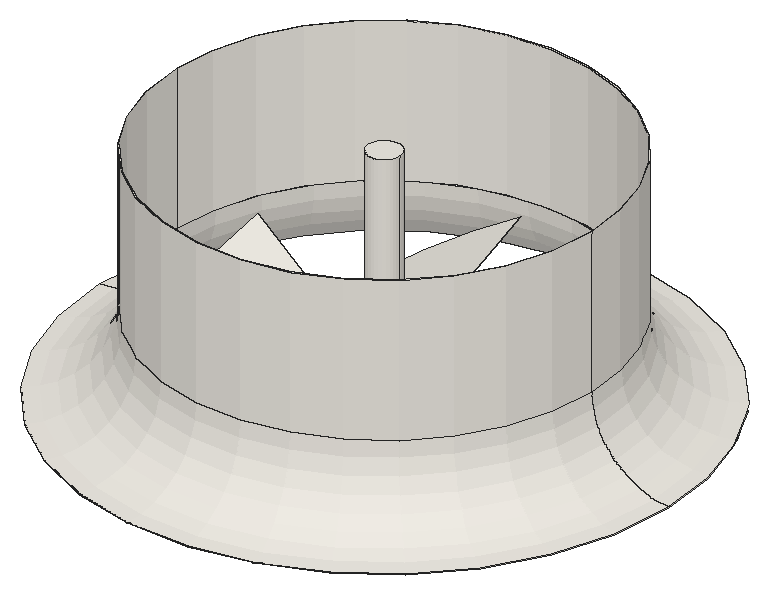
Revit family "LDI", category Air Terminals, Revit 2017
Family settings
  Round Connector Dimension = Use Diameter
  Part Type = Normal
  OmniClass Number = 23.40.40.14.21.11
  OmniClass Title = Food Service Hoods
  Work Plane-Based = No
  Always vertical = Yes
  Cut with Voids When Loaded = No
  Shared = No
  Room Calculation Point = No
Parameters (values of type "LDI/EI_DN 800")
  ∆p (Pa) = if(DN = 1, "31/61/119", if(DN = 2, "39/76/138", if(DN = 3, "37/71/143", if(DN = 4, "32/62/124", if(DN = 5, "27/53/104", "24/47/91")))))  # "24/47/91"
  Visible_DN = no
  Maß Ø D1 = if(DN = 1, 223 mm, if(DN = 2, 279 mm, if(DN = 3, 354 mm, if(DN = 4, 449 mm, 559 mm))))  # 559 mm
  Ymax (m) = if(DN = 1, "2.5/3.7/5.5", if(DN = 2, "3.5/5.2/7.3", if(DN = 3, "3.8/5.5/8.2", if(DN = 4, "3.9/5.7/8.4", if(DN = 5, "4.0/5.8/8.6", "4.2/6.1/8.9")))))  # "4.2/6.1/8.9"
  Vo (m3/h) = if(DN = 1, "410/580/810", if(DN = 2, "820/1150/1550", if(DN = 3, "1300/1800/2550", if(DN = 4, "1900/2650/3750", if(DN = 5, "2800/3900/5500", "4300/6000/8300")))))  # "4300/6000/8300"
  Visible = yes
  Mindestabstand (m) = if(DN = 1, "2.0/2.8/3.9", if(DN = 2, "2.9/4.1/5.5", if(DN = 3, "3.3/4.6/6.5", if(DN = 4, "3.6/5.0/7.1", if(DN = 5, "3.9/5.5/7.7", "4.4/6.1/8.4")))))  # "4.4/6.1/8.4"
  Min Flow = 0.0 L/s
  Maß Ø R mm = if(DN = 1, 330 mm, if(DN = 2, 415 mm, if(DN = 3, 535 mm, if(DN = 4, 660 mm, if(DN = 5, 830 mm, 1100 mm)))))  # 1100 mm
  Maß Ø A mm = if(DN = 1, 253 mm, if(DN = 2, 318 mm, if(DN = 3, 403 mm, if(DN = 4, 503 mm, if(DN = 5, 633 mm, 804 mm)))))  # 804 mm
  Maß H mm = if(DN = 1, 140 mm, if(DN = 2, 175 mm, if(DN = 3, 215 mm, if(DN = 4, 280 mm, if(DN = 5, 355 mm, 425 mm)))))  # 425 mm
  Max Flow = 0.0 L/s
  Material [instance] = "Aluminium"  # constant formula
  Masse (kg) SM_EI/ EA_TA/TB = if(L = 1, "2.4", if(L = 2, "3.6", if(L = 3, "6", if(L = 4, "8.5", if(L = 5, "12.2", if(L = 6, "24", if(L = 7, "3.8", if(L = 8, "5.1", if(L = 9, "6.9", if(L = 10, "9.8", if(L = 11, "14.8", if(L = 12, "27", if(L = 13, "3.8", if(L = 14, "5.1", if(L = 15, "6.6", if(L = 16, "9.5", if(L = 17, "14.5", "26")))))))))))))))))  # "27"
  Lwa (dB(A)) = if(DN = 1, "40/50/60", if(DN = 2, "40/50/60", if(DN = 3, "40/50/60", if(DN = 4, "40/50/60", if(DN = 5, "40/50/60", "40/50/60")))))  # "40/50/60"
  Leaf_b = if(DN = 1, 120 mm, if(DN = 2, 150 mm, if(DN = 3, 190 mm, if(DN = 4, 239 mm, if(DN = 5, 300 mm, 381 mm)))))  # 381 mm
  L = 12
  Einbauhöhe (m) = if(DN = 1, "3.0/3.0/3.0", if(DN = 2, "4.5/4.5/4.5", if(DN = 3, "6.0/6.0/6.0", if(DN = 4, "8.0/8.0/8.0", if(DN = 5, "10.0/10.0/10.0", "12.0/12.0/12.0")))))  # "12.0/12.0/12.0"
  DN = 6
  Color [instance] = RAL 9010
  Bauhöhe L (nur EI/EA_nur TA/TB) mm = if(L = 1, 0 mm, if(L = 2, 0 mm, if(L = 3, 0 mm, if(L = 4, 0 mm, if(L = 5, 0 mm, if(L = 6, 0 mm, if(L = 7, 285 mm, if(L = 8, 295 mm, if(L = 9, 300 mm, if(L = 10, 325 mm, if(L = 11, 345 mm, if(L = 12, 425 mm, if(L = 13, 270 mm, if(L = 14, 280 mm, if(L = 15, 290 mm, if(L = 16, 290 mm, if(L = 17, 355 mm, 425 mm)))))))))))))))))  # 425 mm
Types (19, lengths in mm): name | ∆p (Pa) | Visible_DN | Maß Ø D1 | Ymax (m) | Vo (m3/h) | Visible | Mindestabstand (m) | Maß Ø R mm | Maß Ø A mm | Maß H mm | Masse (kg) SM_EI/ EA_TA/TB | Leaf_b | L | Einbauhöhe (m) | DN | Bauhöhe L (nur EI/EA_nur TA/TB) mm
  (no name) | "24/47/91" | no | 559 | "4.2/6.1/8.9" | "4300/6000/8300" | yes | "4.4/6.1/8.4" | 1100 | 804 | 425 | "27" | 381 | 12 | "12.0/12.0/12.0" | 6 | 425
  LDI/SM_DN 250 | "31/61/119" | yes | 223 | "2.5/3.7/5.5" | "410/580/810" | no | "2.0/2.8/3.9" | 330 | 253 | 140 | "2.4" | 120 | 1 | "3.0/3.0/3.0" | 1 | 0
  LDI/SM_DN 315 | "39/76/138" | yes | 279 | "3.5/5.2/7.3" | "820/1150/1550" | no | "2.9/4.1/5.5" | 415 | 318 | 175 | "3.6" | 150 | 2 | "4.5/4.5/4.5" | 2 | 0
  LDI/SM_DN 400 | "37/71/143" | yes | 354 | "3.8/5.5/8.2" | "1300/1800/2550" | no | "3.3/4.6/6.5" | 535 | 403 | 215 | "6" | 190 | 3 | "6.0/6.0/6.0" | 3 | 0
  LDI/SM_DN 500 | "32/62/124" | yes | 449 | "3.9/5.7/8.4" | "1900/2650/3750" | no | "3.6/5.0/7.1" | 660 | 503 | 280 | "8.5" | 239 | 4 | "8.0/8.0/8.0" | 4 | 0
  LDI/SM_DN 630 | "27/53/104" | yes | 559 | "4.0/5.8/8.6" | "2800/3900/5500" | no | "3.9/5.5/7.7" | 830 | 633 | 355 | "12.2" | 300 | 5 | "10.0/10.0/10.0" | 5 | 0
  LDI/SM_DN 800 | "24/47/91" | no | 559 | "4.2/6.1/8.9" | "4300/6000/8300" | no | "4.4/6.1/8.4" | 1100 | 804 | 425 | "24" | 381 | 6 | "12.0/12.0/12.0" | 6 | 0
  LDI/EI_DN 250 | "31/61/119" | yes | 223 | "2.5/3.7/5.5" | "410/580/810" | yes | "2.0/2.8/3.9" | 330 | 253 | 140 | "3.8" | 120 | 7 | "3.0/3.0/3.0" | 1 | 285
  LDI/EI_DN 315 | "39/76/138" | yes | 279 | "3.5/5.2/7.3" | "820/1150/1550" | yes | "2.9/4.1/5.5" | 415 | 318 | 175 | "5.1" | 150 | 8 | "4.5/4.5/4.5" | 2 | 295
  LDI/EI_DN 400 | "37/71/143" | yes | 354 | "3.8/5.5/8.2" | "1300/1800/2550" | yes | "3.3/4.6/6.5" | 535 | 403 | 215 | "6.9" | 190 | 9 | "6.0/6.0/6.0" | 3 | 300
  LDI/EI_DN 500 | "32/62/124" | yes | 449 | "3.9/5.7/8.4" | "1900/2650/3750" | yes | "3.6/5.0/7.1" | 660 | 503 | 280 | "9.8" | 239 | 10 | "8.0/8.0/8.0" | 4 | 325
  LDI/EI_DN 630 | "27/53/104" | yes | 559 | "4.0/5.8/8.6" | "2800/3900/5500" | yes | "3.9/5.5/7.7" | 830 | 633 | 355 | "14.8" | 300 | 11 | "10.0/10.0/10.0" | 5 | 345
  LDI/EI_DN 800 | "24/47/91" | no | 559 | "4.2/6.1/8.9" | "4300/6000/8300" | yes | "4.4/6.1/8.4" | 1100 | 804 | 425 | "27" | 381 | 12 | "12.0/12.0/12.0" | 6 | 425
  LDI/TA_DN 250 | "31/61/119" | yes | 223 | "2.5/3.7/5.5" | "410/580/810" | yes | "2.0/2.8/3.9" | 330 | 253 | 140 | "3.8" | 120 | 13 | "3.0/3.0/3.0" | 1 | 270
  LDI/TA_DN 315 | "39/76/138" | yes | 279 | "3.5/5.2/7.3" | "820/1150/1550" | yes | "2.9/4.1/5.5" | 415 | 318 | 175 | "5.1" | 150 | 14 | "4.5/4.5/4.5" | 2 | 280
  LDI/TA_DN 400 | "37/71/143" | yes | 354 | "3.8/5.5/8.2" | "1300/1800/2550" | yes | "3.3/4.6/6.5" | 535 | 403 | 215 | "6.6" | 190 | 15 | "6.0/6.0/6.0" | 3 | 290
  LDI/TA_DN 500 | "32/62/124" | yes | 449 | "3.9/5.7/8.4" | "1900/2650/3750" | yes | "3.6/5.0/7.1" | 660 | 503 | 280 | "9.5" | 239 | 16 | "8.0/8.0/8.0" | 4 | 290
  LDI/TA_DN 630 | "27/53/104" | yes | 559 | "4.0/5.8/8.6" | "2800/3900/5500" | yes | "3.9/5.5/7.7" | 830 | 633 | 355 | "14.5" | 300 | 17 | "10.0/10.0/10.0" | 5 | 355
  LDI/TA_DN 800 | "24/47/91" | no | 559 | "4.2/6.1/8.9" | "4300/6000/8300" | yes | "4.4/6.1/8.4" | 1100 | 804 | 425 | "26" | 381 | 18 | "12.0/12.0/12.0" | 6 | 425
Reference planes
  plane 1 "Center (Front/Back)": y = 0
  plane 2: z = 0
  plane 3 "Center (Left/Right)": x = 0
  plane 4: z = 425
Forms (mm)
  Extrusion 1, solid, material "RAL 9010", visible <- "Visible"
    sketch origin (0, 0, 0) x (1, 0, 0) y (0, 1, 0)
      loop
        circle (0, 0) r 30
    from 80 to 425
  Extrusion 2, solid, material "RAL 9010", visible <- "Visible", detail levels coarse+medium
    sketch origin (0, 0, 0) x (1, 0, 0) y (0, 1, 0)
      loop
        circle (0, 0) r 35
    from 80 to 425
  Extrusion 3, solid, material "RAL 9010", detail levels coarse+medium
    sketch origin (0, 0, 0) x (1, 0, 0) y (0, 1, 0)
      loop
        circle (0, 0) r 402
    from 10 to 11
  Extrusion 4, solid, material "RAL 9010", detail levels coarse+medium
    sketch origin (0, 0, -190) x (1, 0, 0) y (0, 1, 0)
      loop
        circle (0, 0) r 35
    from 190 to 270
Dimensions and locks
  "Bauhöhe L (nur EI/EA_nur TA/TB) mm": plane 4 to level
  "Maß Ø A mm": diameter of Extrusion 3 sketch curve
  aligned and locked: plane 4 to Extrusion 1
  aligned and locked: plane 4 to Extrusion 2
  aligned and locked: Extrusion 1 to nested 2
  aligned and locked: Extrusion 4 to nested 2
Automatic sketch dimensions
  plane 1 "Center (Front/Back)" to Extrusion 1 sketch curve = 0 mm
  Extrusion 1 sketch curve to plane 3 "Center (Left/Right)" = 0 mm
  plane 1 "Center (Front/Back)" to Extrusion 2 sketch curve = 0 mm
  Extrusion 2 sketch curve to plane 3 "Center (Left/Right)" = 0 mm
  plane 1 "Center (Front/Back)" to Extrusion 4 sketch curve = 0 mm
  Extrusion 4 sketch curve to plane 3 "Center (Left/Right)" = 0 mm
  plane 1 "Center (Front/Back)" to Extrusion 3 sketch curve = 0 mm
  Extrusion 3 sketch curve to plane 3 "Center (Left/Right)" = 0 mm
  radius of Extrusion 1 sketch curve = 30 mm
  radius of Extrusion 2 sketch curve = 35 mm
  radius of Extrusion 4 sketch curve = 35 mm
Nested families
  nested 1: "LDI_No K" at (0, 0, 0), type "LDI_No K"
  nested 2: "Fan" at (0, 0, 0), type "Fan", detail levels fine
    with Maß Ø A mm 804 mm, Leaf_b 381 mm
Connectors
  hvac at (0, 0, 425), driven by "Maß Ø A mm"
    settings: on nested 1, index 1, duct flow 0.0 L/s, flow factor 0, pres drop 0.0 Pa, loss coef 0, conn angle 0.00°, conn width 304.8 mm, conn height 304.8 mm, conn diameter 804 mm, duct sys type 1, conn prof type 0, flow config 2, flow direction 1, loss method 0, conn ref index -1, conn util no, is conn primary yes, conn desc ""
Definition of nested family "LDI_No K"
  Parameters (values of type "LDI_No K")
    Maß Ø R mm = 1100 mm
    Maß Ø A mm = 804 mm
    Maß H mm = 425 mm
  Reference planes
    plane 1 "Center (Front/Back)": y = 0
    plane 2: z = 0
    plane 3 "Center (Left/Right)": x = 0
  Forms (mm)
    Sweep 1, solid
      path origin (0, 0, 0) x (1, 0, 0) y (0, 1, 0)
        loop
          circle (0, 0) r 550
      profile "P_No K : P_No K" origin (0, 550, 0) x (0, -1, 0) y (0, 0, 1)
        loop
          line (148, 425) -> (148, 148)
          arc (148, 148) -> (104.652, 43.348) -> (0, 0) r 148
          line (0, 0) -> (0, -1)
          arc (0, -1) -> (105.359, 42.641) -> (149, 148) r 149
          line (149, 148) -> (149, 425) -> (148, 425)
  Dimensions and locks
    "Maß Ø R mm": diameter of Sweep 1 sketch curve
    aligned and locked: level to plane 2
  Automatic sketch dimensions
    plane 1 "Center (Front/Back)" to Sweep 1 sketch curve = 0 mm
    Sweep 1 sketch curve to plane 3 "Center (Left/Right)" = 0 mm
Definition of nested family "Fan"
  Parameters (values of type "Fan")
    Maß Ø A mm = 253 mm
    Leaf_b = 120 mm
  Reference planes
    plane 1 "Center (Front/Back)": y = 0
    plane 2: z = 0
    plane 3 "Center (Left/Right)": x = 0
  Forms (mm)
    Extrusion 1, solid
      sketch origin (0, 0, 0) x (1, 0, 0) y (0, 1, 0)
        loop
          circle (0, 0) r 35
      from 0 to 80
    Sweep 2, void
      path in 3D
        loop
          arc (35, 0, 0) -> (0, 35, 0) -> (-35, 0, 0) r 35
          arc (-35, 0, 0) -> (0, -35, 0) -> (35, 0, 0) r 35
      profile origin (0, -35, 0) x (0, -1, 0) y (0, 0, -1)
        loop
          line (0, 0) -> (-25, 0)
          arc (-25, 0) -> (-8.992, -5.615) -> (0, -20) r 25.625
          line (0, -20) -> (0, 0)
  Cuts and joins
    Sweep 2 cuts Extrusion 1
  Lines and regions (mm)
    sketch lines
      curve 1: arc (-35, 0, 0) -> (0, -35, 0) -> (35, 0, 0) r 35
      curve 2: arc (35, 0, 0) -> (0, 35, 0) -> (-35, 0, 0) r 35
  Dimensions and locks
    aligned and locked: level to plane 2
  Nested families
    nested 1: "Leaf" at (0, 0, 30), type "Leaf"
    nested 2: "Leaf" at (0, 0, 30) x (0.5, 0.866, 0) z (0, 0, 1), type "Leaf"
    nested 3: "Leaf" at (0, 0, 30) x (-0.5, 0.866, 0) z (0, 0, 1), type "Leaf"
    nested 4: "Leaf" at (0, 0, 30) x (-1, 0, 0) z (0, 0, 1), type "Leaf"
    nested 5: "Leaf" at (0, 0, 30) x (-0.5, -0.866, 0) z (0, 0, 1), type "Leaf"
    nested 6: "Leaf" at (0, 0, 30) x (0.5, -0.866, 0) z (0, 0, 1), type "Leaf"
  Definition of nested family "Leaf"
    Parameters (values of type "Leaf")
      RA2 = Maß Ø A mm - 10 mm  # 243 mm
      RA1 = 30 mm
      RA = Maß Ø A mm / 2  # 126.5 mm
      Maß Ø A mm = 253 mm
      Leaf_b = 120 mm
    Reference planes
      plane 1 "Center (Front/Back)": y = 0
      plane 2: z = 0
      plane 3 "Center (Left/Right)": x = 0
      plane 4: x = 30
      plane 5: x = 121.5
      plane 6: x = 126.5
    Forms (mm)
      SweptBlend 1, solid
        path origin (0, 0, 0) x (1, 0, 0) y (0, 1, 0)
          loop
            line (30, 0) -> (121.5, 0)
        profile "P_leaf_a : P_leaf_a" origin (30, 0, 0) x (0, 1, 0) y (0, 0, 1)
          loop
            line (12.99, -7.5) -> (13.49, -6.634) -> (-12.49, 8.366) -> (-12.99, 7.5) -> (12.99, -7.5)
        end profile "P_leaf_b : P_leaf_b" origin (121.5, 0, 0) x (0, 1, 0) y (0, 0, 1)
          loop
            line (51.962, -30) -> (52.462, -29.134) -> (-51.462, 30.866) -> (-51.962, 30) -> (51.962, -30)
      Extrusion 2, void
        sketch origin (0, 0, 0) x (1, 0, 0) y (0, 1, 0)
          loop
            circle (0, 0) r 121.5
          loop
            circle (0, 0) r 447
        from -122.755 to 138.973
    Cuts and joins
      Extrusion 2 cuts SweptBlend 1
    Dimensions and locks
      "RA1": plane 3 "Center (Left/Right)" to plane 4
      "RA": plane 3 "Center (Left/Right)" to plane 6
      locked: plane 5 to plane 6 at 5
      "RA2": diameter of Extrusion 2 sketch curve
      aligned and locked: level to plane 2
      aligned and locked: plane 1 "Center (Front/Back)" to SweptBlend 1 sketch curve
    Automatic sketch dimensions
      SweptBlend 1 sketch curve to plane 4 = 0 mm
      SweptBlend 1 sketch curve to plane 5 = 0 mm
      Extrusion 2 sketch curve to Extrusion 2 sketch curve = 0 mm  (x2)
      plane 1 "Center (Front/Back)" to Extrusion 2 sketch curve = 0 mm
      Extrusion 2 sketch curve to plane 3 "Center (Left/Right)" = 0 mm
      radius of Extrusion 2 sketch curve = 447 mm
